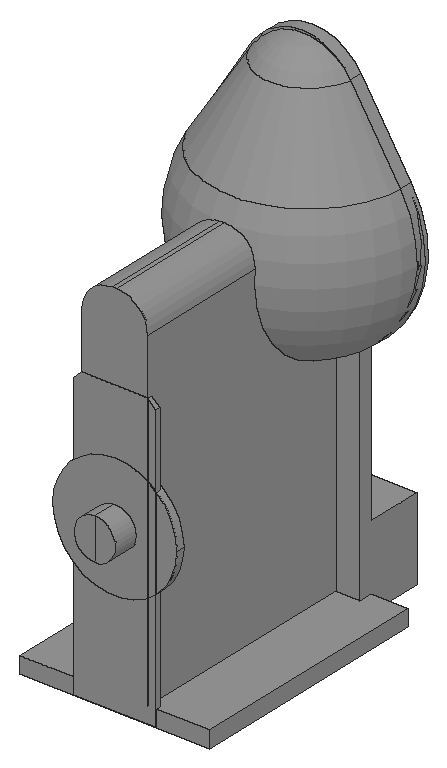
Revit family "Toilet-Willoughby-1490-ETF-FM-10-BS-FA", category Plumbing Fixtures, host Face, Revit 2014
Parameters (values of type "Standard")
  Waste DIA = 2 1/2"
  Waste Connection = yes
  W-RAD [instance] = Waste DIA / 2  # 0' - 1 1/4"
  URL = "www.willoughby-ind.com"
  Type Comments = ""
  Revision = "A"
  Model = "ETF-1490-FM-10-BS-FA"
  Manufacturer = "Willoughby Industries"
  Flush inlet DIA = 1 1/2"
  Fixture Body = Stainless Steel AISI 304-Willoughby
  F-RAD [instance] = Flush inlet DIA / 2  # 0' - 0 3/4"
  Description = "Floor Mounted Toilet"
  Default Elevation = 0' - 0"
  Contact Number = "(800) 428-4065"
  CW Connection = yes
Reference planes (in)
  plane 1 "Base": y = -16.25
  plane 2: z = 0
  plane 3 "Center": x = 18.31072
  plane 4 "Waste height": y = -4.75
  plane 5: y = -1.25
  plane 6: z = -6.75
  plane 7: y = -2.125
  plane 8: y = -14.0625
  plane 9: y = 0
  plane 10: x = 16.31072
  plane 11: x = 20.31072
  plane 12: x = 11.56072
  plane 13: x = 25.06072
  plane 14: z = 23
  plane 15: z = 30.75
  plane 16: x = 15.81072
  plane 17: x = 20.81072
  plane 18: x = 15.81072
  plane 19: x = 20.81072
  plane 20: z = 10
  plane 21: x = 12.56072
  plane 22: x = 24.06072
  plane 23: y = 2.75
Forms (in)
  Extrusion 1, solid, material "Stainless Steel AISI 304-Willoughby" <- "Fixture Body"
    sketch origin (16.08109, 7.47968, -2.20225) x (-1, 0, 0) y (0, 0, -1)
      loop
        line (1.29775, -16.80087) -> (1.29775, -3.20225) -> (-5.72963, -3.20225) -> (-5.72963, -16.81676)
        arc (-5.72963, -16.81676) -> (-8.98136, -21.11843) -> (-8.21015, -26.45542) r 7
        line (-8.21015, -26.45542) -> (-5.16818, -31.31054)
        arc (-5.16818, -31.31054) -> (-2.20225, -32.95225) -> (0.76368, -31.31054) r 3.5
        line (0.76368, -31.31054) -> (3.80565, -26.45542)
        arc (3.80565, -26.45542) -> (4.5729, -21.10311) -> (1.29775, -16.80087) r 7
      loop
        arc (2.03989, -24.70557) -> (-2.20225, -18.23804) -> (-6.44438, -24.70557) r 4.625
        line (-6.44438, -24.70557) -> (-4.04125, -30.23842)
        arc (-4.04125, -30.23842) -> (-2.20225, -31.45225) -> (-0.36324, -30.23842) r 2
        line (-0.36324, -30.23842) -> (2.03989, -24.70557)
    from 8.72968 to 9.5
  Revolve 2, solid, material "Stainless Steel AISI 304-Willoughby" <- "Fixture Body"
    sketch origin (19.37246, -1.52032, 1.00169) x (-1, 0, 0) y (0, 0, -1)
      loop
        line (1.06174, -12.59906) -> (1.06174, -12.84906)
        arc (1.06174, -12.84906) -> (6.6808, -17.48143) -> (5.58904, -24.68148) r 7.38075
        line (5.58904, -24.68148) -> (3.81535, -27.91457)
        arc (3.81535, -27.91457) -> (2.63527, -29.03194) -> (1.06174, -29.43826) r 3.25
        line (1.06174, -29.43826) -> (1.06174, -29.68826)
        arc (1.06174, -29.68826) -> (2.75672, -29.25045) -> (4.02767, -28.04656) r 3.5
        line (4.02767, -28.04656) -> (7.06964, -23.19143)
        arc (7.06964, -23.19143) -> (7.15052, -16.14555) -> (1.06174, -12.59906) r 7
      axis (1.06174, -12.59906) -> (1.06174, -29.68826)
    angle from 0 to -180
  Extrusion 3, solid, material "Stainless Steel AISI 304-Willoughby" <- "Fixture Body"
    sketch origin (19.53334, -3.02032, -4.9508) x (0, 1, 0) y (0, 0, 1)
      loop
        line (-4.42257, 4.9508) -> (1.02643, 4.9508) -> (1.02643, 18.97156)
        arc (1.02643, 18.97156) -> (-2.31062, 20.32275) -> (-4.42257, 23.23845) r 6.52287
        line (-4.42257, 23.23845) -> (-4.42257, 4.9508)
    from 0.77738 to -3.22262
  Extrusion 4, solid, material "Stainless Steel AISI 304-Willoughby" <- "Fixture Body"
    sketch origin (18.31072, 0, -1) x (0, 1, 0) y (0, 0, 1)
      loop
        line (-1.25, 1) -> (2.25, 1) -> (2.25, 6) -> (-1.25, 6) -> (-1.25, 1)
    from -3.52738 to 3.5
  Extrusion 5, solid, material "Stainless Steel AISI 304-Willoughby" <- "Fixture Body"
    sketch origin (0, 0, 0) x (1, 0, 0) y (0, 1, 0)
      loop
        circle (18.31072, 0) r 0.75
    from -2.46088 to 1
  Extrusion 6, solid, material "Stainless Steel AISI 304-Willoughby" <- "Fixture Body"
    sketch origin (0, -16.25, 0) x (1, 0, 0) y (0, 0, 1)
      loop
        line (24.06072, 0) -> (24.06072, 1) -> (12.56072, 1) -> (12.56072, 0) -> (24.06072, 0)
    from -15 to 0
  Extrusion 7, solid, material "Stainless Steel AISI 304-Willoughby" <- "Fixture Body"
    sketch origin (0, -16.25, 0) x (1, 0, 0) y (0, 0, 1)
      loop
        line (20.31072, 0) -> (20.31072, 21.125)
        arc (20.31072, 21.125) -> (19.76154, 22.45083) -> (18.43572, 23) r 1.875
        line (18.43572, 23) -> (18.18737, 23)
        arc (18.18737, 23) -> (16.86038, 22.45034) -> (16.31072, 21.12335) r 1.87665
        line (16.31072, 21.12335) -> (16.31072, 0) -> (20.31072, 0)
    from 0 to -8.80711
  Revolve 8, solid, material "Stainless Steel AISI 304-Willoughby" <- "Fixture Body"
    sketch origin (18.31072, 0, 0) x (0, 1, 0) y (0, 0, 1)
      loop
        line (-17.75, 10) -> (-14.75, 10) -> (-14.75, 11.25) -> (-17.75, 11.25) -> (-17.75, 10)
      axis (-14.75, 10) -> (-17.75, 10)
    angle from 0 to 360
  Extrusion 9, solid, material "Stainless Steel AISI 304-Willoughby" <- "Fixture Body"
    sketch origin (0, -16.25, 0) x (1, 0, 0) y (0, 0, 1)
      loop
        circle (18.31072, 10) r 3.75
    from 0 to -0.5
  Extrusion 10, solid, material "Stainless Steel AISI 304-Willoughby" <- "Fixture Body"
    sketch origin (0, -16.25, 0) x (1, 0, 0) y (0, 0, 1)
      loop
        line (20.31072, 0) -> (20.81072, 0) -> (20.81072, 17.25) -> (20.31072, 17.75) -> (16.31072, 17.75) -> (15.81072, 17.25) -> (15.81072, 0) -> (20.31072, 0)
    from 0 to -0.25
Cuts and joins
  joined: Extrusion 1, Extrusion 3, Extrusion 4, Extrusion 6, Extrusion 7
Lines and regions (in)
  symbolic lines
    curve 1: line (24.06072, -16.25, 0) -> (12.56072, -16.25, 0)
    curve 2: line (12.56072, -16.25, 0) -> (12.56072, -1.25, 0)
    curve 3: line (24.06072, -1.25, 0) -> (24.06072, -16.25, 0)
    curve 4: line (11.28334, -1.25, 0) -> (25.28334, -1.25, 0)
    curve 5: line (25.28334, -1.25, 0) -> (25.28334, -2.02032, 0)
    curve 6: line (11.28334, -1.25, 0) -> (11.28334, -2.02032, 0)
    curve 7: arc (11.28334, -2.02032, 0) -> (13.51498, -6.65349, 0) -> (18.31072, -8.51019, 0) r 6.99765
    curve 8: arc (18.31072, -8.51019, 0) -> (23.06061, -6.62283, 0) -> (25.28334, -2.02032, 0) r 7.04283
    curve 9: line (20.31072, -8.20586, 0) -> (20.31072, -16.25, 0)
    curve 10: line (16.31072, -8.23264, 0) -> (16.31072, -16.25, 0)
    curve 11: line (14.78334, -1.25, 0) -> (14.78334, 2.25, 0)
    curve 12: line (14.78334, 2.25, 0) -> (21.81072, 2.25, 0)
    curve 13: line (21.81072, 2.25, 0) -> (21.81072, -1.25, 0)
    curve 14: line (12.56072, -16.25, 0) -> (24.06072, -16.25, 0)
    curve 15: line (24.06072, -16.25, 0) -> (24.06072, -16.25, 1)
    curve 16: line (24.06072, -16.25, 1) -> (21.81072, -16.25, 1)
    curve 17: line (21.81072, -16.25, 1) -> (21.81072, -16.25, 14.61451)
    curve 18: arc (21.81072, -16.25, 14.61451) -> (25.06245, -16.25, 18.91618) -> (24.29124, -16.25, 24.25317) r 7
    curve 19: line (24.29124, -16.25, 24.25317) -> (21.24927, -16.25, 29.1083)
    curve 20: arc (21.24927, -16.25, 29.1083) -> (18.28334, -16.25, 30.75) -> (15.31741, -16.25, 29.1083) r 3.5
    curve 21: line (15.31741, -16.25, 29.1083) -> (12.34391, -16.25, 24.26096)
    curve 22: arc (12.34391, -16.25, 24.26096) -> (11.52805, -16.25, 18.91587) -> (14.78334, -16.25, 14.59862) r 6.9627
    curve 23: line (14.78334, -16.25, 14.59862) -> (14.78334, -16.25, 1)
    curve 24: line (14.78334, -16.25, 1) -> (12.56072, -16.25, 1)
    curve 25: line (12.56072, -16.25, 1) -> (12.56072, -16.25, 0)
    curve 33: line (18.31072, -16.25, 0) -> (18.31072, 2.25, 0)
    curve 34: line (18.31072, 2.25, 0) -> (18.31072, 2.25, 5)
    curve 35: line (18.31072, 2.25, 5) -> (18.31072, -1.25, 5)
    curve 36: line (18.31072, -1.25, 5) -> (18.31072, -1.25, 30.75)
    curve 37: line (18.31072, -1.25, 30.75) -> (18.31072, -2.02032, 30.75)
    curve 38: arc (18.31072, -2.02032, 30.75) -> (18.31072, -3.2578, 30.24154) -> (18.31072, -4.25728, 29.3522) r 3.98525
    curve 39: arc (18.31072, -4.25728, 29.3522) -> (18.31072, -5.90323, 26.7793) -> (18.31072, -7.52822, 24.19312) r 375.83516
    curve 40: arc (18.31072, -7.52822, 24.19312) -> (18.31072, -7.84242, 23.61335) -> (18.31072, -8.08458, 23) r 5.47129
    curve 41: line (18.31072, -8.08458, 23) -> (18.31072, -16.25, 23)
    curve 42: line (18.31072, -16.25, 23) -> (18.31072, -16.25, 0)
    curve 43: line (18.31072, -1.25, 14.61451) -> (18.31072, -2.02032, 14.61451)
    curve 44: line (18.31072, -2.02032, 14.61451) -> (18.31072, -2.02032, 13.86451)
    curve 45: arc (18.31072, -2.02032, 14.0236) -> (18.31072, -4.75939, 14.72981) -> (18.31072, -6.87653, 16.60569) r 6.03985
    curve 46: arc (18.31072, -6.87653, 16.60569) -> (18.31072, -7.84778, 18.38651) -> (18.31072, -8.17881, 20.38777) r 6.07671
    curve 47: arc (18.31072, -8.17881, 20.38777) -> (18.31072, -8.15278, 21.69464) -> (18.31072, -8.08458, 23) r 40.48203
    curve 48: line (18.31072, -2.02032, 13.86451) -> (18.31072, -2.02032, 1)
    curve 49: line (18.31072, -2.02032, 1) -> (18.31072, -16.25, 1)
  symbolic lines, detail levels fine
    curve 26: arc (21.81072, -16.25, 8.65371) -> (22.06072, -16.25, 10) -> (21.81072, -16.25, 11.34629) r 3.75
    curve 27: arc (14.78334, -16.25, 11.27282) -> (14.56072, -16.25, 10) -> (14.78334, -16.25, 8.72718) r 3.75
    curve 29: line (22.52547, -16.25, 22.50332) -> (20.12234, -16.25, 28.03617)
    curve 30: arc (20.12234, -16.25, 28.03617) -> (18.28334, -16.25, 29.2424) -> (16.44433, -16.25, 28.03617) r 2.00498
    curve 31: line (16.44433, -16.25, 28.03617) -> (14.0412, -16.25, 22.50332)
    curve 32: arc (14.0412, -16.25, 22.50332) -> (18.28334, -16.25, 16.0358) -> (22.52547, -16.25, 22.50332) r 4.625
  symbolic lines, detail levels medium+fine
    curve 28: line (21.81072, -16.25, 5) -> (14.78334, -16.25, 5)
Dimensions and locks (in)
  plane 1 "Base" to plane 5 = 1' - 3"
  plane 1 "Base" to plane 9 = 1' - 4 1/4"
  level to plane 15 = 2' - 6 3/4"
  plane 21 to plane 22 = 0' - 11 1/2"  (x2)
  plane 13 to plane 22 = 0' - 1"
  locked: plane 10 to plane 11 at 4
  level to plane 20 = 0' - 10"
  plane 18 to plane 19 = 0' - 5"
  plane 9 to plane 1 "Base" = 1' - 4 1/4"
  "F-RAD": radius of Extrusion 5 sketch curve
  aligned and locked: plane 2 to host face
  aligned and locked: level to host face
  aligned and locked: plane 9 to Extrusion 5 sketch curve
  aligned and locked: plane 3 "Center" to Extrusion 5 sketch curve
  aligned and locked: Revolve 8 sketch curve to Revolve 8 sketch curve  (x2)
Automatic sketch dimensions
  host sketch curve to host sketch curve = 4' - 6.8949"
  host sketch curve to host sketch curve = 3' - 5.11225"
  Extrusion 1 sketch curve to Extrusion 1 sketch curve = 0' - 0"  (x8)
  level to Extrusion 1 sketch curve = 0' - 1"
  plane 3 "Center" to Extrusion 1 sketch curve = 0' - 5.98052"
  Extrusion 1 sketch curve to Extrusion 1 sketch curve = 0' - 1.76576"  (x2)
  plane 3 "Center" to Extrusion 1 sketch curve = 0' - 3 1/2"
  plane 3 "Center" to Extrusion 1 sketch curve = 0' - 2.93855"
  Extrusion 1 sketch curve to Extrusion 1 sketch curve = 0' - 1.12693"  (x2)
  Extrusion 1 sketch curve to plane 3 "Center" = 0' - 0.02738"  (x2)
  Extrusion 1 sketch curve to plane 3 "Center" = 0' - 1.86639"
  Extrusion 1 sketch curve to plane 3 "Center" = 0' - 3.52738"
  Extrusion 1 sketch curve to plane 3 "Center" = 0' - 4 69/256"
  Extrusion 1 sketch curve to Extrusion 1 sketch curve = 1' - 1.59862"
  Extrusion 1 sketch curve to Extrusion 1 sketch curve = 0' - 0.01589"
  Extrusion 1 sketch curve to Extrusion 1 sketch curve = 0' - 6.06218"
  Extrusion 1 sketch curve to Extrusion 1 sketch curve = 0' - 1.74985"
  Extrusion 1 sketch curve to Extrusion 1 sketch curve = 0' - 4.74668"
  Extrusion 1 sketch curve to Extrusion 1 sketch curve = 0' - 0.78617"
  Extrusion 1 sketch curve to Extrusion 1 sketch curve = 0' - 1.07212"
  Extrusion 4 sketch curve to level = 0' - 0"
  Extrusion 4 sketch curve to plane 5 = 0' - 0"
  Extrusion 4 sketch curve to plane 9 = 0' - 2 1/4"
  level to Extrusion 4 sketch curve = 0' - 5"
  Extrusion 6 sketch curve to level = 0' - 0"
  level to Extrusion 6 sketch curve = 0' - 1"
  plane 12 to Extrusion 6 sketch curve = 0' - 1"
  Extrusion 6 sketch curve to plane 13 = 0' - 1"
  Extrusion 3 sketch curve to level = 0' - 0"
  plane 4 "Waste height" to Extrusion 3 sketch curve = 0' - 2.69289"
  plane 7 to Extrusion 3 sketch curve = 0' - 0.13111"
  plane 5 to Extrusion 3 sketch curve = 0' - 0.05941"
  Extrusion 3 sketch curve to plane 14 = 0' - 2.49238"
  Extrusion 3 sketch curve to Extrusion 3 sketch curve = 0' - 6.48686"
  Revolve 8 sketch curve to plane 20 = 0' - 0"
  plane 1 "Base" to Revolve 8 sketch curve = 0' - 1 1/2"
  plane 8 to Revolve 8 sketch curve = 0' - 0 11/16"
  plane 20 to Revolve 8 sketch curve = 0' - 1 1/4"
  Revolve 8 sketch curve to Revolve 8 sketch curve = 0' - 0"
  Revolve 2 sketch curve to plane 3 "Center" = 0' - 0"  (x3)
  plane 3 "Center" to Revolve 2 sketch curve = 0' - 0"
  Revolve 2 sketch curve to plane 11 = 0' - 0.72567"
  plane 18 to Revolve 2 sketch curve = 0' - 0.25361"
  Revolve 2 sketch curve to Revolve 2 sketch curve = 0' - 0.21232"
  plane 12 to Revolve 2 sketch curve = 0' - 0.7421"
  Revolve 2 sketch curve to plane 15 = 0' - 0.06005"
  Revolve 2 sketch curve to Revolve 2 sketch curve = 0' - 0 1/4"  (x2)
  Revolve 2 sketch curve to plane 15 = 0' - 1.70176"
  Revolve 2 sketch curve to Revolve 2 sketch curve = 0' - 0.13199"
  plane 14 to Revolve 2 sketch curve = 0' - 1.19312"
  Revolve 2 sketch curve to plane 14 = 0' - 1.87935"
  Revolve 2 sketch curve to Revolve 2 sketch curve = 0' - 0.51991"
  plane 18 to Revolve 2 sketch curve = 0' - 2.0273"
  plane 14 to Revolve 2 sketch curve = 0' - 0.93995"
  Revolve 2 sketch curve to Revolve 2 sketch curve = 0' - 2.4108"
  Extrusion 9 sketch curve to plane 3 "Center" = 0' - 0"
  Extrusion 9 sketch curve to plane 20 = 0' - 0"
  Extrusion 7 sketch curve to level = 0' - 0"
  Extrusion 7 sketch curve to plane 10 = 0' - 0"
  Extrusion 7 sketch curve to plane 14 = 0' - 0"
  Extrusion 7 sketch curve to plane 11 = 0' - 0"
  Extrusion 7 sketch curve to plane 3 "Center" = 0' - 0.12335"
  plane 3 "Center" to Extrusion 7 sketch curve = 0' - 0 1/8"
  plane 18 to Extrusion 10 sketch curve = 0' - 0"
  Extrusion 10 sketch curve to level = 0' - 0"
  Extrusion 10 sketch curve to plane 10 = 0' - 0"
  Extrusion 10 sketch curve to plane 11 = 0' - 0"  (x2)
  plane 19 to Extrusion 10 sketch curve = 0' - 0"
  Extrusion 10 sketch curve to plane 14 = 0' - 5 3/4"
  Extrusion 10 sketch curve to Extrusion 10 sketch curve = 0' - 0"
  Extrusion 10 sketch curve to Extrusion 10 sketch curve = 0' - 0 1/2"
  curve 2 to plane 21 = 0' - 0"
  curve 10 to plane 10 = 0' - 0"
  curve 8 to plane 3 "Center" = 0' - 0"
  curve 7 to plane 3 "Center" = 0' - 0"
  curve 9 to plane 11 = 0' - 0"
  plane 5 to curve 13 = 0' - 0"
  curve 3 to plane 22 = 0' - 0"
  plane 1 "Base" to curve 1 = 0' - 0"
  plane 7 to curve 6 = 0' - 0.10468"
  curve 6 to plane 12 = 0' - 0.27738"
  curve 11 to plane 23 = 0' - 0 1/2"
  plane 18 to curve 11 = 0' - 1.02738"
  curve 8 to plane 3 "Center" = 0' - 0.04848"
  curve 8 to curve 7 = 0' - 0.00031"
  curve 3 to curve 4 = 0' - 1.22262"
  curve 5 to curve 4 = 0' - 0.77032"
  curve 13 to plane 19 = 0' - 1"
  curve 18 to curve 32 = 0' - 0"  (x2)
  curve 26 to curve 27 = 0' - 0"  (x2)
  plane 21 to curve 24 = 0' - 0"
  curve 27 to plane 3 "Center" = 0' - 0"
  plane 22 to curve 15 = 0' - 0"
  curve 14 to level = 0' - 0"
  curve 27 to plane 20 = 0' - 0"
  plane 21 to curve 21 = 0' - 0.21681"
  plane 18 to curve 23 = 0' - 1.02738"
  plane 18 to curve 21 = 0' - 0.49331"
  plane 10 to curve 31 = 0' - 0.13361"
  curve 22 to plane 3 "Center" = 0' - 0.0318"
  curve 32 to plane 3 "Center" = 0' - 0.02738"
  curve 30 to plane 3 "Center" = 0' - 0.02738"
  curve 20 to curve 30 = 0' - 0"
  curve 29 to plane 11 = 0' - 0.18838"
  curve 19 to plane 19 = 0' - 0.43855"
  curve 16 to plane 19 = 0' - 1"
  curve 19 to plane 22 = 0' - 0.23052"
  level to curve 16 = 0' - 1"
  level to curve 25 = 0' - 1"
  plane 20 to curve 23 = 0' - 4.59862"
  plane 20 to curve 17 = 0' - 4.61451"
  curve 22 to plane 14 = 0' - 2.37975"
  curve 22 to curve 18 = 0' - 0.04055"
  curve 30 to plane 15 = 0' - 3.51258"
  curve 30 to curve 20 = 0' - 0.01258"
  curve 20 to curve 29 = 0' - 0.78617"
  curve 31 to curve 21 = 0' - 1.07212"
  curve 32 to plane 14 = 0' - 0.49668"
  curve 32 to plane 21 = 0' - 1 123/256"
  curve 29 to plane 14 = 0' - 0.49668"
  curve 23 to curve 28 = 0' - 4"
  curve 26 to plane 20 = 0' - 1.34629"
  curve 27 to plane 20 = 0' - 1.27282"
  curve 33 to level = 0' - 0"
  curve 49 to plane 1 "Base" = 0' - 0"
  curve 47 to plane 14 = 0' - 0"
  curve 37 to plane 15 = 0' - 0"
  curve 43 to plane 5 = 0' - 0"
  plane 4 "Waste height" to curve 41 = 0' - 3.33458"
  curve 40 to plane 7 = 0' - 0.75875"
  plane 7 to curve 46 = 0' - 0.02286"
  plane 7 to curve 48 = 0' - 0.10468"
  plane 7 to curve 37 = 0' - 0.10468"
  plane 7 to curve 45 = 0' - 0.20115"
  curve 38 to plane 5 = 0' - 0.10406"
  curve 33 to plane 23 = 0' - 0 1/2"
  curve 47 to plane 14 = 0' - 2.76463"
  plane 23 to curve 47 = 2' - 5.55294"
  curve 39 to plane 6 = 13' - 11.71696"
  plane 23 to curve 39 = 25' - 8.76134"
  level to curve 34 = 0' - 5"
  plane 20 to curve 44 = 0' - 3.86451"
  curve 44 to curve 43 = 0' - 0 3/4"
  curve 45 to plane 14 = 0' - 2.93732"
  curve 45 to curve 46 = 0' - 0.30221"
  curve 46 to curve 40 = 0' - 0.93619"
  plane 14 to curve 38 = 0' - 3.86185"
  curve 46 to curve 47 = 0' - 0"
  curve 39 to curve 40 = 0' - 0"
  plane 4 "Waste height" to curve 46 = 0' - 2.12653"
  curve 33 to curve 49 = 0' - 1"
  radius of Extrusion 9 sketch curve = 0' - 3 3/4"
Connectors (in)
  piping at (18.31072, 0, 1), diameter 1.5, driven by "F-RAD", driven by "CW Connection"
    settings: on Extrusion 5, index 2, connector inside diameter 1 1/2", connector length 0' - 0", flow factor 0, pipe flow 0 GPM, pressure drop 0.00 psi, fitting loss kfactor 0, connector angle 0.00°, fixture units 0, engagement length 0' - 0", angle of deflection 0.00°, flow configuration 0, flow direction 1, fitting loss method 0, system type 20, joint type 0, gender type 0, connector reference index -1, connector utility 1, adjustable connector no, is connector primary yes, connector description "Flush Inlet"
  piping at (18.31072, -17.75, 10), diameter 2.5, driven by "W-RAD", driven by "Waste Connection"
    settings: on Revolve 8, index 4, connector inside diameter 24", connector length 0' - 0", flow factor 0, pipe flow 1.6 GPM, pressure drop 0.00 psi, fitting loss kfactor 0, connector angle 0.00°, fixture units 0, engagement length 0' - 0", angle of deflection 0.00°, flow configuration 0, flow direction 2, fitting loss method 0, system type 16, joint type 0, gender type 0, connector reference index -1, connector utility 1, adjustable connector no, is connector primary no, connector description "Toilet Waste"
